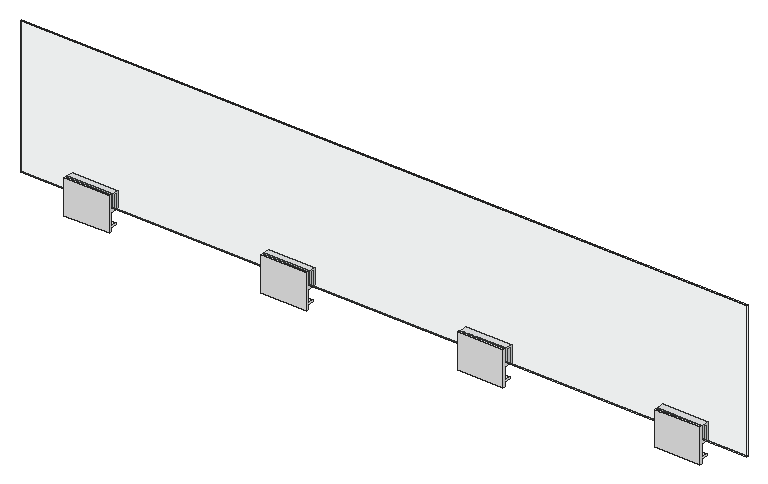
Revit family "Clarus_Divide Thinline_Top Clamp_R19", category Furniture, host Face, Revit 2019
Family settings
  Host = Face
  Cut with Voids When Loaded = No
  Shared = No
  Room Calculation Point = No
Parameters (values of type "6" Clamp - 96" Width")
  Width = 96"
  URL = "https://www.clarus.com/"
  TRC Standards [instance] = "http://therevitcollection.com/news/trc-news-the-revit-collection-standards-explained/"
  SingleArrayVis = Clamp Quantity < 2  # no
  Product URL = "https://www.clarus.com/divide-thinline/"
  MultiArrayVis = not(SingleArrayVis)  # yes
  More Revit Families! [instance] = "www.therevitcollection.com"
  Modeled By = "Commense Studio"  # constant formula
  Model = "Divide ThinLine"  # constant formula
  Manufacturer = "Clarus"  # constant formula
  Height Control = if(Height > 30", 30", Height)  # 18"
  Edge Offset = 6"  # constant formula
  Clarus Clamp [instance] = Clarus White
  Description = "Buckle down on your workspace challenges with Divide ThinLine from Clarus®. This beautifully\r\nengineered desk divider system boasts clean lines that won’t harm your existing offi ce furniture.\r\nSince no drilling is involved and all hardware screws are strategically hidden inside the clamps,\r\nDivide ThinLine seamlessly integrates and reduces visual distractions in your offi ce, all while\r\nmaintaining the overall aesthetic. Using this new patent pending state-of-the-art clamping system,\r\nDivide ThinLine can be easily installed at the back, side or along the center of a desk, giving you the\r\nfreedom to accommodate power cords, monitor arm att achments and more. You have the option to\r\nmix and match ThinLine Top, ThinLine Side and ThinLine Center hardware on the same table, which\r\nallows you to uniquely divide up your offi ce with stability and style."  # constant formula
  Height = 18"
  Designer = ""
  Glass Thickness = 1/4"
  Default Elevation = 0"
  Clarus Glass [instance] = Glass
  Clamp Width = 6"
  Clamp Quantity = 4
  Assembly Code = ""
  Array Control = if(Clamp Quantity < 2, 2, Clamp Quantity)  # 4
Types (11): name | Width | SingleArrayVis | MultiArrayVis | Clarus Clamp | Clarus Glass | Clamp Width | Clamp Quantity | Array Control
  12" Clamp - 36" Width | 36" | yes | no | Clarus Gray | none | 12" | 1 | 2
  6" Clamp - 36" Width | 36" | no | yes | Clarus Gray | none | 6" | 2 | 2
  2 1/2" Clamp - 30" Width | 30" | no | yes | Clarus Gray | none | 2 1/2" | 2 | 2
  6" Clamp - 66" Width | 66" | no | yes | Clarus Gray | none | 6" | 3 | 3
  6" Clamp - 96" Width | 96" | no | yes | Clarus White | Glass | 6" | 4 | 4
  2 1/2" Clamp - 48" Width | 48" | no | yes | Clarus Gray | none | 2 1/2" | 3 | 3
  2 1/2" Clamp - 66" Width | 66" | no | yes | Clarus Gray | none | 2 1/2" | 4 | 4
  2 1/2" Clamp - 84" Width | 84" | no | yes | Clarus Gray | none | 2 1/2" | 5 | 5
  2 1/2" Clamp - 96" Width | 96" | no | yes | Clarus Gray | none | 2 1/2" | 6 | 6
  12" Clamp - 72" Width | 72" | no | yes | Clarus Gray | none | 12" | 2 | 2
  12" Clamp - 96" Width | 96" | no | yes | Clarus Gray | none | 12" | 3 | 3
Reference planes (in)
  plane 1 "Center (Front/Back)": y = 0
  plane 2: z = 0
  plane 3 "Center (Left/Right)": x = 0
  plane 4 "L": x = -48
  plane 5 "R": x = 48
  plane 6 "F": y = -0.25
  plane 7: z = 18.5
  plane 8: x = -42
  plane 9: x = 42
  plane 10: z = 0.5
Forms (in)
  Extrusion 1, solid, material "Glass" <- "Clarus Glass"
    sketch origin (0, 0, 0) x (1, 0, 0) y (0, 1, 0)
      loop
        line (-48, 0) -> (-48, -0.25) -> (48, -0.25) -> (48, 0) -> (-48, 0)
    from 0.5 to 18.5
Dimensions and locks (in)
  equal spacing: plane 4 "L", plane 3 "Center (Left/Right)", plane 5 "R"
  "Width": plane 4 "L" to plane 5 "R"
  "Glass Thickness": plane 6 "F" to plane 1 "Center (Front/Back)"
  "Height": plane 7 to plane 10
  "Edge Offset": plane 4 "L" to plane 8
  "Edge Offset": plane 5 "R" to plane 9
  locked: plane 10 to level at 0.5
  equal spacing: group 1, group 3, group 4, group 2  (x3)
  aligned and locked: plane 2 to host face
  aligned and locked: level to host face
  aligned and locked: plane 7 to Extrusion 1
  aligned and locked: Extrusion 1 to plane 10
  aligned and locked: nested 1 to plane 6 "F"
  aligned and locked: plane 3 "Center (Left/Right)" to nested 1
  aligned and locked: nested 2 to plane 8
  aligned and locked: plane 9 to nested 3
Automatic sketch dimensions
  host sketch curve to host sketch curve = 96"
  host sketch curve to host sketch curve = 48 1/4"
  Extrusion 1 sketch curve to plane 4 "L" = 0"
  Extrusion 1 sketch curve to plane 5 "R" = 0"
  plane 6 "F" to Extrusion 1 sketch curve = 0"
  plane 1 "Center (Front/Back)" to Extrusion 1 sketch curve = 0"
Nested families (in)
  nested 1: "Thinline Top Clamp_R18" at (0, 0.875, 0), Core Finish <- "Clarus Clamp", visible <- "SingleArrayVis", type "Thinline Top Clamp_R18"
    with TRC Standards "http://therevitcollection.com/news/trc-news-the-revit-collection-standards-explained/", More Revit Families! "www.therevitcollection.com", Core Finish Clarus White
  nested 2: "Thinline Top Clamp_R18" at (-39, 0.875, 0), Core Finish <- "Clarus Clamp", visible <- "MultiArrayVis", type "Thinline Top Clamp_R18"
    with TRC Standards "http://therevitcollection.com/news/trc-news-the-revit-collection-standards-explained/", More Revit Families! "www.therevitcollection.com", Core Finish Clarus White
  nested 3: "Thinline Top Clamp_R18" at (39, 0.875, 0), Core Finish <- "Clarus Clamp", visible <- "MultiArrayVis", type "Thinline Top Clamp_R18"
    with TRC Standards "http://therevitcollection.com/news/trc-news-the-revit-collection-standards-explained/", More Revit Families! "www.therevitcollection.com", Core Finish Clarus White
  nested 4: "Thinline Top Clamp_R18" at (-13, 0.875, 0), Core Finish <- "Clarus Clamp", visible <- "MultiArrayVis", type "Thinline Top Clamp_R18"
    with TRC Standards "http://therevitcollection.com/news/trc-news-the-revit-collection-standards-explained/", More Revit Families! "www.therevitcollection.com", Core Finish Clarus White
  nested 5: "Thinline Top Clamp_R18" at (13, 0.875, 0), Core Finish <- "Clarus Clamp", visible <- "MultiArrayVis", type "Thinline Top Clamp_R18"
    with TRC Standards "http://therevitcollection.com/news/trc-news-the-revit-collection-standards-explained/", More Revit Families! "www.therevitcollection.com", Core Finish Clarus White
Definition of nested family "Thinline Top Clamp_R18"
  Parameters (values of type "Thinline Top Clamp_R18")
    Width = 6"
    URL = "https://www.clarus.com/"
    TRC Standards [instance] = "http://therevitcollection.com/news/trc-news-the-revit-collection-standards-explained/"
    Product URL = "https://www.clarus.com/be-shield/"
    More Revit Families! [instance] = "www.therevitcollection.com"
    Modeled By = "Commense Studio"  # constant formula
    Model = "be! Shield"  # constant formula
    Manufacturer = "Clarus"  # constant formula
    Core Finish [instance] = none
    Description = "be! Shield Leg Configs"  # constant formula
    Height = 4 7/16"
    Designer = ""
    Depth = 1 3/8"
    Default Elevation = 0"
    Assembly Code = ""
  Reference planes (in)
    plane 1 "Center (Front/Back)": y = 0
    plane 2: z = 0
    plane 3 "Center (Left/Right)": x = 0
    plane 4 "L": x = -3
    plane 5 "R": x = 3
    plane 6 "F": y = -1.375
    plane 7: z = 4.4375
  Forms (in)
    Extrusion 1, solid
      sketch origin (0, 0, 0) x (1, 0, 0) y (0, 1, 0)
        loop
          line (-48, 48) -> (-48, -48) -> (48, -48) -> (48, 48) -> (-48, 48)
      from 0 to -12
    Extrusion 2, solid, material <- "Core Finish"
      sketch origin (10.61611, 0, 0) x (0, 0, 1) y (0, -1, 0)
        loop
          line (2.125, 1.375) -> (-2.3125, 1.375) -> (-2.3125, 1.125) -> (-1.75135, 1.125) -> (-1.75135, 0.28125) -> (-1.50135, 0.28125) -> (-1.50135, 1.125) -> (0, 1.125) -> (0, 0.28125) -> (1.875, 0.28125) -> (1.875, 0.59375) -> (0.5, 0.59375) -> (0.5, 1.125) -> (2.125, 1.125) -> (2.125, 1.375)
        loop
          line (0.5625, 0.6875) -> (1.9375, 0.6875) -> (1.9375, 0.1875) -> (0.06115, 0.1875) -> (0.06115, 0) -> (2.125, 0) -> (2.125, 0.875) -> (0.5625, 0.875) -> (0.5625, 0.6875)
      from -13.61611 to -7.61611
  Dimensions and locks (in)
    equal spacing: plane 4 "L", plane 3 "Center (Left/Right)", plane 5 "R"
    "Width": plane 4 "L" to plane 5 "R"
    "Depth": plane 6 "F" to plane 1 "Center (Front/Back)"
    "Height": plane 7 to level
    aligned and locked: plane 2 to Extrusion 1
    aligned and locked: level to Extrusion 1
    aligned and locked: Extrusion 2 to plane 4 "L"
    aligned and locked: plane 5 "R" to Extrusion 2
  Automatic sketch dimensions
    Extrusion 1 sketch curve to Extrusion 1 sketch curve = 96"  (x2)
    Extrusion 2 sketch curve to plane 6 "F" = 0"
    Extrusion 2 sketch curve to level = 0"
    Extrusion 2 sketch curve to plane 6 "F" = 1/4"  (x3)
    Extrusion 2 sketch curve to level = 1.50135"
    Extrusion 2 sketch curve to Extrusion 2 sketch curve = 1/4"  (x3)
    Extrusion 2 sketch curve to Extrusion 2 sketch curve = 0.56115"
    Extrusion 2 sketch curve to Extrusion 2 sketch curve = 1/2"
    plane 1 "Center (Front/Back)" to Extrusion 2 sketch curve = 19/32"
    Extrusion 2 sketch curve to Extrusion 2 sketch curve = 1 3/8"
    plane 1 "Center (Front/Back)" to Extrusion 2 sketch curve = 9/32"  (x2)
    Extrusion 2 sketch curve to plane 1 "Center (Front/Back)" = 0"
    level to Extrusion 2 sketch curve = 0.06115"
    Extrusion 2 sketch curve to Extrusion 2 sketch curve = 1/16"  (x2)
    Extrusion 2 sketch curve to Extrusion 2 sketch curve = 3/16"
    Extrusion 2 sketch curve to Extrusion 2 sketch curve = 3/32"  (x2)
